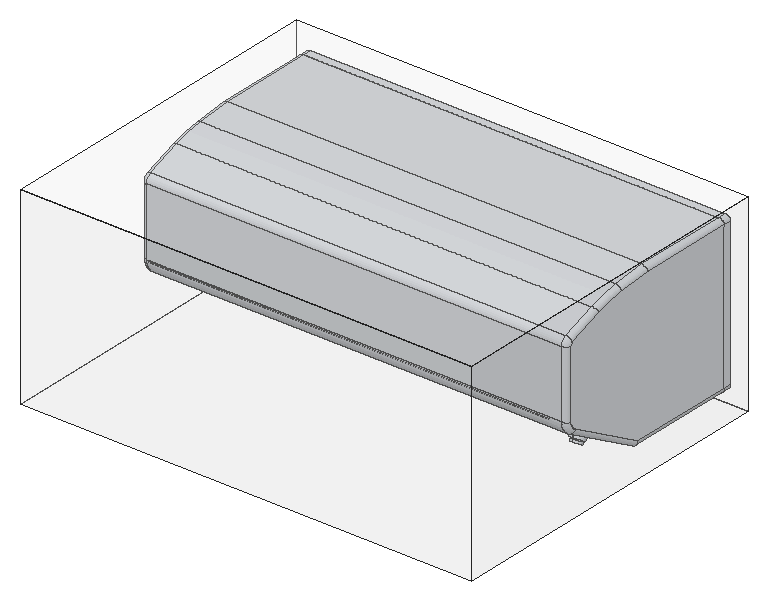
Revit family "msz-hxv25_8023sin_60Hz", category 機械設備, Revit 2019
Family settings
  丸型コネクタ寸法 = 直径を使用
  種別 = なし
  パーツ タイプ = 標準
  OmniClass 番号 = 23.75.10.24.21.27.27
  OmniClass タイトル = Split System Air Conditioning Units
  作業面ベース = いいえ
  常に垂直 = はい
  ロード時にボイドで切り取り = いいえ
  共有 = いいえ
  部屋計算ポイント = はい
Parameters (values of type "MSZ-HXV2523-W-IN")
  運転音(静冷房)  db = 34
  運転音(静暖房)  db = 39
  運転音(強暖房)  db = 62
  運転音(強冷房)  db = 61
  運転音(弱暖房)  db = 45
  運転音(弱冷房)  db = 46
  運転音(中暖房)  db = 50
  運転音(中冷房)  db = 51
  風量 = MAX風量  # 780.0 m³/h
  音響パワーレベル(dB) = 61
  音響パワーレベル (弱) (dB) = 34
  電源種別 = ""
  電圧_電気ヒーター = 0 V
  電圧 = 100 V
  電動機出力_送風機 = 28 W
  運転質量 = 0.00 kg
  運転方法 = "冷暖切替"
  連動 = ""
  質量 = if(製品質量 > 運転質量, 製品質量, 運転質量) * 1.2  # 20.40 kg
  負荷分類 = 1_熱源類
  設計暖房能力 [instance] = 0 kW
  設計冷房能力_顕熱 [instance] = 0 kW
  設計冷房能力 [instance] = 0 kW
  設置方法 = "壁掛形"
  記号 [instance] = ""
  製造元 = "三菱電機株式会社"
  製品質量 = 17.00 kg
  製品出荷対象 = "国内"
  製品リリース年月 = ""
  製品グループ = ""
  系統 [instance] = ""
  符号 = "PAC"
  積算_科目 = "1 空気調和設備"
  積算_拾い区分 [instance] = ""
  相_電気ヒーター = 1
  相 = 1
  盤記号 [instance] = ""
  発停方法 = "付属スイッチ"
  特殊仕様 [instance] = ""
  火災停止 = ""
  消費電力_電気ヒーター = 0 W
  消費電力_暖房 = 590 W
  消費電力_冷房 = 500 W
  消費電力 = if(消費電力_冷房 > 消費電力_暖房, 消費電力_冷房, 消費電力_暖房)  # 590 W
  法定耐用年数 = "6"
  極数 = 1
  材質 [instance] = ""
  本体マテリアル = none
  有効加湿量 = 0
  最大電流値 = 0 A
  暖房能力 = 3.2 kW
  暖房 風量 = 780.0 m³/h
  推奨ブレーカー容量 = 0 A
  形式_加湿器 = ""
  形式 = "壁掛 (露出)形"
  幹線記号 = ""
  室内機 = 室内機 : MSZ-HXV2522-W-IN
  始動方式 = "直入"
  呼称 = "パッケージ形空気調和機_室内機"
  周波数 = 60 Hz
  台数_手元リモコン = ""
  台数_冷媒分岐ユニット [instance] = ""
  参照している仕様書等のバージョン = "公共建築工事標準仕様書（機械設備工事編）平成31年度版"
  加湿給水管径 = 0 mm
  分類コード = "50053003123070"
  分類グループ = ""
  冷房能力 = 2.5 kW
  冷房 風量 = 665.0 m³/h
  冷媒高低圧ガス管径 = 0 mm
  冷媒管長 [instance] = 0 mm
  冷媒管径符号 = "Ab"
  冷媒管径 = 100 mm
  冷媒液管径 = 6.35 mm
  冷媒ガス管径 = 9.52 mm
  価格 = 0
  企業コード = "108420"
  付属品 [instance] = ""
  仕様書バージョン = "Version1.0"
  モデル = "MSZ-HXV25**-*-IN"
  ドレン管径 = 16 mm
  サービススペース = yes
  コメント [instance] = ""
  Width = 799 mm
  Version = ""
  Uniclass2015Version = "Systems v1.9"
  Uniclass2015Title = "Split coil remote air cooled condensing units"
  Uniclass2015Code = "Pr_70_65_03_84"
  URL = "https://www.mitsubishielectric.co.jp/ldg/wink/"
  S寸法 = 0 mm
  SpecificationReference = ""
  SpecificationDescription = ""
  Revision = ""
  ProductInformation = ""
  OmniClassCode = "23-33 17 13 11"
  MAX風量 = if(冷房 風量 > 暖房 風量, 冷房 風量, 暖房 風量)  # 780.0 m³/h
  IfcTypeProduct = ""
  IfcProduct = ""
  IfcExportType = "AIRCONDITIONINGUNIT"
  IfcExportAs = "IfcUnitaryEquipmentType"
  Height = 295 mm
  Depth = 385 mm
  Clearance Top = 39 mm
  Clearance Right = 30 mm
  Clearance Left = 20 mm
  Clearance Front = 260 mm
  Clearance Bottom = 28 mm
  Clearance Back = 0 mm
  COP = 0
  Author = "三菱電機株式会社"
  APF = 0
Types (7, lengths in mm): name | 運転音(静冷房)  db | 運転音(静暖房)  db | 運転音(強暖房)  db | 運転音(強冷房)  db | 運転音(弱暖房)  db | 運転音(弱冷房)  db | 運転音(中暖房)  db | 運転音(中冷房)  db | 風量 | 音響パワーレベル(dB) | 音響パワーレベル (弱) (dB) | 電圧 | 電動機出力_送風機 | 質量 | 製品質量 | 発停方法 | 消費電力_暖房 | 消費電力_冷房 | 消費電力 | 暖房能力 | 暖房 風量 | 室内機 | 分類コード | 冷房能力 | 冷房 風量 | 冷媒管径符号 | 冷媒ガス管径 | モデル | MAX風量
  MSZ-HXV2523-W-IN | 34 | 39 | 62 | 61 | 45 | 46 | 50 | 51 | 780.0 m³/h | 61 | 34 | 100 V | 28 W | 20.40 kg | 17.00 kg | "付属スイッチ" | 590 W | 500 W | 590 W | 3.2 kW | 780.0 m³/h | 室内機 : MSZ-HXV2522-W-IN | "50053003123070" | 2.5 kW | 665.0 m³/h | "Ab" | 9.52 | "MSZ-HXV25**-*-IN" | 780.0 m³/h
  MSZ-HXV2823S-W-IN | 34 | 39 | 66 | 63 | 46 | 48 | 52 | 53 | 810.0 m³/h | 63 | 34 | 200 V | 40 W | 20.40 kg | 17.00 kg | "付属スイッチ" | 770 W | 580 W | 770 W | 4 kW | 810.0 m³/h | 室内機 : MSZ-HXV2822S-W-IN | "50053003123070" | 2.8 kW | 665.0 m³/h | "Ab" | 9.52 | "MSZ-HXV28**S-*-IN" | 810.0 m³/h
  MSZ-HXV4023S-W-IN | 40 | 44 | 69 | 67 | 50 | 50 | 55 | 55 | 930.0 m³/h | 67 | 40 | 200 V | 40 W | 22.80 kg | 19.00 kg | "付属スイッチ" | 1430 W | 960 W | 1430 W | 6 kW | 930.0 m³/h | 室内機 : MSZ-HXV4022S-W-IN | "50053003123070" | 4 kW | 730.0 m³/h | "Ab" | 9.52 | "MSZ-HXV40**S-*-IN" | 930.0 m³/h
  MSZ-HXV5623S-W-IN | 44 | 46 | 71 | 68 | 51 | 51 | 56 | 56 | 940.0 m³/h | 68 | 44 | 200 V | 40 W | 22.80 kg | 19.00 kg | "付属スイッチ" | 1700 W | 1720 W | 1720 W | 6.7 kW | 940.0 m³/h | 室内機 : MSZ-HXV5622S-W-IN | "50053003123070" | 5.6 kW | 805.0 m³/h | "Ab" | 9.52 | "MSZ-HXV56**S-*-IN" | 940.0 m³/h
  MSZ-HXV6323S-W-IN | 44 | 47 | 71 | 69 | 52 | 52 | 57 | 57 | 960.0 m³/h | 69 | 44 | 200 V | 40 W | 22.80 kg | 19.00 kg | "付属スイッチ" | 1900 W | 2200 W | 2200 W | 7.1 kW | 960.0 m³/h | 室内機 : MSZ-HXV6322S-W-IN | "50053003123070" | 6.3 kW | 860.0 m³/h | "Ac" | 12.7 | "MSZ-HXV63**S-*-IN" | 960.0 m³/h
  MSZ-HXV7123S-W-IN | 44 | 47 | 72 | 70 | 52 | 52 | 57 | 57 | 1045.0 m³/h | 70 | 44 | 200 V | 40 W | 22.80 kg | 19.00 kg | "付属スイッチ\r\n付属スイッチ" | 2350 W | 2500 W | 2500 W | 8.5 kW | 1045.0 m³/h | 室内機 : MSZ-HXV7122S-W-IN | "50053003123070 \r\n50053003123070 \r\n50053003123070 \r\n50053003123070" | 7.1 kW | 960.0 m³/h | "Ac" | 12.7 | "MSZ-HXV71**S-*-IN" | 1045.0 m³/h
  MSZ-HXV8023S-W-IN | 44 | 47 | 72 | 72 | 52 | 52 | 57 | 57 | 1045.0 m³/h | 72 | 44 | 200 V | 46 W | 22.80 kg | 19.00 kg | "付属スイッチ" | 2680 W | 2920 W | 2920 W | 9.5 kW | 1045.0 m³/h | 室内機 : MSZ-HXV8022S-W-IN | "50053003123070" | 8 kW | 960.0 m³/h | "Ac" | 12.7 | "MSZ-HXV80**S-*-IN" | 1045.0 m³/h
Reference planes
  plane 1 "中心(正面/背面)": y = 0
  plane 2: z = 0
  plane 3 "中心(左/右)": x = 0
  plane 4: y = -650
  plane 5: x = -399.5
  plane 6: x = 399.5
  plane 7: x = 429.5
  plane 8: z = -0.01
  plane 9: z = 38.99
  plane 10: x = -419.5
  plane 11: y = 0
  plane 12: z = -253.01
  plane 13: x = -352.5
  plane 14: z = -323.01
  plane 15: y = -195
  plane 16: y = -390
  plane 17: z = -254.01
  plane 18: x = 352.5
  plane 19: z = -295.01
  plane 20: z = -284.01
  plane 21: z = -273.01
  plane 22: y = -5
  plane 23: z = -285
Forms (mm)
  Extrusion 1, solid, detail levels fine
    sketch origin (-705, 0, 0) x (1, 0, 0) y (0, 0, 1)
      loop
        circle (352.5, -253.01) r 10
    from 5 to 10
  Extrusion 2, solid, detail levels fine
    sketch origin (-705, 0, -30) x (1, 0, 0) y (0, 0, 1)
      loop
        circle (352.5, -243.01) r 5
    from 5 to 10
Lines and regions (mm)
  Masking region 1, detail levels coarse+medium
    outline origin (0, 0, 0) x (1, 0, 0) y (0, 1, 0)
      loop
        line (-399.5, 0) -> (-399.5, -390) -> (399.5, -390) -> (399.5, 0) -> (-399.5, 0)
Dimensions and locks
  equal spacing: plane 5, plane 3 "中心(左/右)", plane 6
  "Clearance Right": plane 6 to plane 7
  "Clearance Front": plane 4 to plane 16
  "Clearance Top": plane 9 to plane 8
  "Width": plane 5 to plane 6
  "Clearance Left": plane 10 to plane 5
  locked: plane 5 to plane 13 at 47
  equal spacing: plane 16, plane 15, plane 1 "中心(正面/背面)"
  "Depth": plane 16 to plane 22
  "Clearance Back": plane 11 to plane 1 "中心(正面/背面)"
  locked: plane 18 to plane 6 at 47
  "Clearance Bottom": plane 19 to plane 14
  "Height": plane 8 to plane 19
  locked: plane 19 to plane 17 at 41
  locked: plane 19 to plane 12 at 42
  plane 5 to plane 10 = 20 mm
  plane 7 to plane 6 = 30 mm
  locked: plane 20 to plane 17 at 30
  locked: plane 21 to plane 12 at 20
  plane 8 to plane 19 = 295 mm
  plane 22 to plane 11 = 5 mm
  plane 4 to plane 16 = 260 mm
  plane 11 to plane 4 = 650 mm
  aligned and locked: level to plane 2
  aligned and locked: level to plane 8
  aligned and locked: plane 10 to nested 1
  aligned and locked: plane 4 to nested 1
  aligned and locked: plane 9 to nested 1
  aligned and locked: plane 14 to nested 1
  aligned and locked: plane 7 to nested 1
  aligned and locked: nested 1 to plane 11
  aligned and locked: plane 5 to Masking region 1 sketch curve
  aligned and locked: Masking region 1 sketch curve to plane 11
  aligned and locked: Masking region 1 sketch curve to plane 6
  aligned and locked: Masking region 1 sketch curve to plane 16
Automatic sketch dimensions
  plane 13 to Extrusion 2 sketch curve = 0 mm
  Extrusion 2 sketch curve to plane 21 = 0 mm
  Extrusion 1 sketch curve to plane 12 = 0 mm
  plane 13 to Extrusion 1 sketch curve = 0 mm
  radius of Extrusion 2 sketch curve = 5 mm
  radius of Extrusion 1 sketch curve = 10 mm
Nested families
  nested 1: "サービススペース" at (5, -325, -142.01), visible <- "サービススペース", type "サービススペース"
    with Width 849 mm, Height 362 mm, Depth 650 mm
  nested 2: "室内機" at (0, 0, -295.023), type <- "室内機", type "MSZ-HXV2522-W-IN", detail levels fine
Connectors
  piping at (-352.5, -5, -253.01), diameter 100, driven by "冷媒管径", driven by "冷媒管径符号"
    settings: on Extrusion 1, index 10, connector inside diameter 609.6 mm, connector length 0 mm, flow factor 0, pipe flow 0.0 L/s, pressure drop 0.0 Pa, fitting loss kfactor 0, connector angle 0.00°, fixture units 0, engagement length 0 mm, angle of deflection 0.00°, flow configuration 1, flow direction 1, fitting loss method 4, system type 7, joint type 0, gender type 0, connector reference index -1, connector utility 0, adjustable connector no, is connector primary yes, connector description "Ab"
  piping at (-352.5, -5, -273.01), diameter 16, driven by "ドレン管径"
    settings: on Extrusion 2, index 11, connector inside diameter 609.6 mm, connector length 0 mm, flow factor 0, pipe flow 0.0 L/s, pressure drop 0.0 Pa, fitting loss kfactor 0, connector angle 0.00°, fixture units 0, engagement length 0 mm, angle of deflection 0.00°, flow configuration 1, flow direction 2, fitting loss method 4, system type 16, joint type 0, gender type 0, connector reference index -1, connector utility 0, adjustable connector no, is connector primary no, connector description ""
  electrical at (0, -5, -147.523), driven by "負荷分類", driven by "電圧", driven by "消費電力"
    settings: on nested 2, index 13, voltage 100 V, apparent load 590 VA, apparent load phase1 0 VA, apparent load phase2 0 VA, apparent load phase3 0 VA, power factor 1, load classification "1_熱源類", number of poles 1, system type 30, power factor state 1, is connector primary yes, connector utility no, sub classification motor no, connector description ""
Definition of nested family "サービススペース"
  Parameters (values of type "サービススペース")
    Width [instance] = 500 mm
    Height [instance] = 500 mm
    Depth [instance] = 500 mm
  Reference planes
    plane 1 "中心(正面/背面)": y = 0
    plane 2: z = 0
    plane 3 "中心(左/右)": x = 0
    plane 4: y = -250
    plane 5: x = 250
    plane 6: y = 250
    plane 7: x = -250
    plane 8: z = 250
    plane 9: z = -250
  Forms (mm)
    Extrusion 1, solid
      sketch origin (-638.939, 0, 72.39) x (1, 0, 0) y (0, 1, 0)
        loop
          line (388.939, 250) -> (388.939, -250) -> (888.939, -250) -> (888.939, 250) -> (388.939, 250)
      from -322.39 to 177.61
  Lines and regions (mm)
    symbolic lines
      curve 1: line (-250, 0, 250) -> (250, 0, 250)
      curve 2: line (-250, 0, -250) -> (-250, 0, 250)
      curve 3: line (250, 0, -250) -> (-250, 0, -250)
      curve 4: line (250, 0, 250) -> (250, 0, -250)
      curve 5: line (0, -250, 250) -> (0, 250, 250)
      curve 6: line (0, -250, -250) -> (0, -250, 250)
      curve 7: line (0, 250, -250) -> (0, -250, -250)
      curve 8: line (0, 250, 250) -> (0, 250, -250)
      curve 9: line (-250, 250, 0) -> (250, 250, 0)
      curve 10: line (-250, -250, 0) -> (-250, 250, 0)
      curve 11: line (250, -250, 0) -> (-250, -250, 0)
      curve 12: line (250, 250, 0) -> (250, -250, 0)
  Dimensions and locks
    equal spacing: plane 7, plane 3 "中心(左/右)", plane 5
    equal spacing: plane 4, plane 1 "中心(正面/背面)", plane 6
    "Depth": plane 4 to plane 6
    "Width": plane 7 to plane 5
    equal spacing: plane 8, plane 2, plane 9
    "Height": plane 8 to plane 9
    aligned and locked: plane 9 to curve 3
    aligned and locked: plane 7 to curve 2
    aligned and locked: curve 4 to plane 5
    aligned and locked: plane 5 to Extrusion 1
    aligned and locked: Extrusion 1 to plane 7
    aligned and locked: Extrusion 1 to plane 9
    aligned and locked: plane 8 to Extrusion 1
    aligned and locked: plane 9 to curve 7
  Automatic sketch dimensions
    plane 4 to Extrusion 1 sketch curve = 0 mm
    Extrusion 1 sketch curve to plane 7 = 0 mm
    Extrusion 1 sketch curve to plane 5 = 0 mm
    plane 6 to Extrusion 1 sketch curve = 0 mm
    curve 2 to plane 8 = 0 mm
    plane 4 to curve 11 = 0 mm
    curve 11 to plane 7 = 0 mm
    curve 11 to plane 5 = 0 mm
    plane 6 to curve 10 = 0 mm
    curve 7 to plane 4 = 0 mm
    curve 7 to plane 6 = 0 mm
    curve 6 to plane 8 = 0 mm
Definition of nested family "室内機"
  Parameters (values of type "MSZ-HXV7122S-T-IN")
    Width = 799 mm
    Height = 295 mm
    Depth = 390 mm
  Types (13): name
    MSZ-HXV2522-W-IN
    MSZ-HXV2822S-W-IN
    MSZ-HXV2822S-T-IN
    MSZ-HXV4022S-W-IN
    MSZ-HXV4022S-T-IN
    MSZ-HXV5622S-W-IN
    MSZ-HXV5622S-T-IN
    MSZ-HXV6322S-W-IN
    MSZ-HXV6322S-T-IN
    MSZ-HXV7122S-W-IN
    MSZ-HXV7122S-T-IN
    MSZ-HXV8022S-T-IN
    MSZ-HXV8022S-W-IN
  Reference planes
    plane 1 "中心(正面/背面)": y = 0
    plane 2: z = 0
    plane 3 "中心(左/右)": x = 0
    plane 4: y = -5
    plane 5: x = 399.5
    plane 6: x = -399.5
    plane 7: y = -390
    plane 8: z = 295
    plane 9: x = 379.5
    plane 10: z = 42
    plane 11: z = 295
    plane 12: z = 273
    plane 13: x = 352
    plane 14: x = -352
    plane 15: x = 399
    plane 16: x = 335
    plane 17: z = 253
    plane 18: x = 225
    plane 19: x = -225
    plane 20: x = 280
    plane 21: x = 155
    plane 22: z = 263
    plane 23: z = 243
  Forms (mm)
    Extrusion 1, solid
      sketch origin (0, 0, 0) x (0, 1, 0) y (0, 0, 1)
        loop
          line (-20, 284.987) -> (-199.503, 284.987) -> (-261.595, 278.809)
          arc (-261.595, 278.809) -> (-288.705, 274.388) -> (-315.053, 266.623) r 219.987
          line (-315.053, 266.623) -> (-376.706, 244.184)
          arc (-376.706, 244.184) -> (-379.086, 242.358) -> (-379.987, 239.497) r 4.987
          line (-379.987, 239.497) -> (-379.987, 112.321)
          arc (-379.987, 112.321) -> (-377.31, 102.327) -> (-369.994, 95.011) r 19.987
          line (-369.994, 95.011) -> (-222.772, 10.013) -> (-20, 10.013) -> (-20, 284.987)
      from -399.5 to 399.5
    Sweep 2, solid
      path origin (390, 0, 0) x (0, 1, 0) y (0, 0, 1)
        loop
          line (-20, 295) -> (-200, 295) -> (-262.587, 288.772)
          arc (-262.587, 288.772) -> (-290.931, 284.15) -> (-318.478, 276.032) r 230
          line (-318.478, 276.032) -> (-380.13, 253.592)
          arc (-380.13, 253.592) -> (-387.287, 248.101) -> (-390, 239.497) r 15
          line (-390, 239.497) -> (-390, 112.321)
          arc (-390, 112.321) -> (-385.981, 97.321) -> (-375, 86.34) r 30
          line (-375, 86.34) -> (-225.455, 0) -> (-20, 0)
      profile origin (390, -110, 295) x (0, 0, -1) y (1, 0, 0)
        loop
          arc (10.013, 9.5) -> (3.113, 6.75) -> (0.013, 0) r 10
          line (0.013, 0) -> (0.013, -780)
          arc (0.013, -780) -> (3.113, -786.75) -> (10.013, -789.5) r 10
          line (10.013, -789.5) -> (10.013, 9.5)
    Extrusion 3, solid
      sketch origin (0, 0, 0) x (1, 0, 0) y (0, 0, 1)
        loop
          line (-399.5, 285) -> (-399.5, 10)
          arc (-399.5, 10) -> (-396.746, 3.108) -> (-390, 0.013) r 10
          line (-390, 0.013) -> (390, 0.013)
          arc (390, 0.013) -> (396.746, 3.108) -> (399.5, 10) r 10
          line (399.5, 10) -> (399.5, 285)
          arc (399.5, 285) -> (396.746, 291.892) -> (390, 294.987) r 10
          line (390, 294.987) -> (-390, 294.987)
          arc (-390, 294.987) -> (-396.746, 291.892) -> (-399.5, 285) r 10
      from 20 to 5
    Revolve 4, solid
      sketch origin (367, -62.632, -153.367) x (0, 0.866025, -0.5) y (0, 0.5, 0.866025)
        loop
          line (-327.015, 58.396) -> (-327.015, 44.304) -> (-320.129, 44.304) -> (-320.129, 37.722) -> (-317.129, 37.722) -> (-317.129, 42.304)
          arc (-317.129, 42.304) -> (-316.543, 43.718) -> (-315.129, 44.304) r 2
          line (-315.129, 44.304) -> (-314.129, 44.304) -> (-314.129, 58.396) -> (-327.015, 58.396)
        axis (-327.015, 37.722) -> (-327.015, 58.396)
      angle from 0 to 360
    Extrusion 5, void
      sketch origin (0, -125, 230.692) x (1, 0, 0) y (0, -0.866025, 0.5)
        loop
          line (-383, 2) -> (-8.5, 2) -> (-8.5, 52) -> (-383, 52) -> (-383, 2)
        loop
          line (-385, 54) -> (-385, 0) -> (385, 0) -> (385, 54) -> (-385, 54)
        loop
          line (383, 2) -> (383, 52) -> (-6.5, 52) -> (-6.5, 2) -> (383, 2)
      from 250 to 244.836
    Extrusion 6, solid
      sketch origin (0, 0, 0) x (1, 0, 0) y (0, 0, 1)
        loop
          line (-285, 0) -> (285, 0) -> (285, 70)
          arc (285, 70) -> (292.322, 87.678) -> (310, 95) r 25
          arc (310, 95) -> (327.678, 102.322) -> (335, 120) r 25
          line (335, 120) -> (335, 273) -> (295, 273) -> (295, 278)
          arc (295, 278) -> (293.536, 281.536) -> (290, 283) r 5
          line (290, 283) -> (270, 283)
          arc (270, 283) -> (266.464, 281.536) -> (265, 278) r 5
          line (265, 278) -> (265, 273) -> (119.535, 273) -> (70.033, 253) -> (24.949, 253) -> (10, 290) -> (0, 290) -> (-10, 290) -> (-24.949, 253) -> (-105.033, 253) -> (-154.535, 273) -> (-265, 273) -> (-265, 278)
          arc (-265, 278) -> (-266.464, 281.536) -> (-270, 283) r 5
          line (-270, 283) -> (-290, 283)
          arc (-290, 283) -> (-293.536, 281.536) -> (-295, 278) r 5
          line (-295, 278) -> (-295, 273) -> (-335, 273) -> (-335, 120)
          arc (-335, 120) -> (-327.678, 102.322) -> (-310, 95) r 25
          arc (-310, 95) -> (-292.322, 87.678) -> (-285, 70) r 25
          line (-285, 70) -> (-285, 0)
        loop
          line (230.5, 248.5) -> (230.5, 257.5)
          arc (230.5, 257.5) -> (225, 263) -> (219.5, 257.5) r 5.5
          line (219.5, 257.5) -> (219.5, 248.5)
          arc (219.5, 248.5) -> (225, 243) -> (230.5, 248.5) r 5.5
        loop
          arc (-220.5, 247.5) -> (-215, 253) -> (-220.5, 258.5) r 5.5
          line (-220.5, 258.5) -> (-229.5, 258.5)
          arc (-229.5, 258.5) -> (-235, 253) -> (-229.5, 247.5) r 5.5
          line (-229.5, 247.5) -> (-220.5, 247.5)
        loop
          line (-105, 10) -> (105, 10)
          arc (105, 10) -> (155, 60) -> (105, 110) r 50
          line (105, 110) -> (-105, 110)
          arc (-105, 110) -> (-155, 60) -> (-105, 10) r 50
        loop
          line (305, 243) -> (255, 243) -> (255, 188) -> (261.875, 188)
          arc (261.875, 188) -> (265.887, 200.215) -> (267.245, 213) r 60.879
          line (267.245, 213) -> (292.755, 213)
          arc (292.755, 213) -> (294.113, 200.215) -> (298.125, 188) r 60.879
          line (298.125, 188) -> (305, 188) -> (305, 243)
        loop
          line (-305, 243) -> (-305, 188) -> (-298.125, 188)
          arc (-298.125, 188) -> (-294.113, 200.215) -> (-292.755, 213) r 60.879
          line (-292.755, 213) -> (-267.245, 213)
          arc (-267.245, 213) -> (-265.887, 200.215) -> (-261.875, 188) r 60.879
          line (-261.875, 188) -> (-255, 188) -> (-255, 243) -> (-305, 243)
      from 0 to 5
  Cuts and joins
    Extrusion 5 cuts Extrusion 1
    Extrusion 5 cuts Sweep 2
    Extrusion 5 cuts Extrusion 3
  Lines and regions (mm)
    model lines
      curve 1: line (-349.5, -125, 294.987) -> (-349.5, -185, 294.987)
      curve 2: line (-349.5, -185, 294.987) -> (349.5, -185, 294.987)
      curve 3: line (-349.5, -135, 294.987) -> (349.5, -135, 294.987)
      curve 4: line (349.5, -125, 294.987) -> (349.5, -185, 294.987)
      curve 5: line (-249.643, -125, 294.987) -> (-249.643, -185, 294.987)
      curve 6: line (-149.786, -125, 294.987) -> (-149.786, -185, 294.987)
      curve 7: line (-49.929, -125, 294.987) -> (-49.929, -185, 294.987)
      curve 8: line (49.929, -125, 294.987) -> (49.929, -185, 294.987)
      curve 9: line (149.786, -125, 294.987) -> (149.786, -185, 294.987)
      curve 10: line (249.643, -125, 294.987) -> (249.643, -185, 294.987)
      curve 11: line (-349.5, -155, 294.987) -> (349.5, -155, 294.987)
      curve 12: line (-349.5, -175, 294.987) -> (349.5, -175, 294.987)
      curve 13: line (-349.5, -165, 294.987) -> (349.5, -165, 294.987)
      curve 14: line (-349.5, -145, 294.987) -> (349.5, -145, 294.987)
      curve 15: line (-349.5, -125, 294.987) -> (349.5, -125, 294.987)
      curve 16: line (-349.5, -50, 294.987) -> (-349.5, -110, 294.987)
      curve 17: line (-349.5, -110, 294.987) -> (349.5, -110, 294.987)
      curve 18: line (-349.5, -60, 294.987) -> (349.5, -60, 294.987)
      curve 19: line (349.5, -50, 294.987) -> (349.5, -110, 294.987)
      curve 20: line (-249.643, -50, 294.987) -> (-249.643, -110, 294.987)
      curve 21: line (-149.786, -50, 294.987) -> (-149.786, -110, 294.987)
      curve 22: line (-49.929, -50, 294.987) -> (-49.929, -110, 294.987)
      curve 23: line (49.929, -50, 294.987) -> (49.929, -110, 294.987)
      curve 24: line (149.786, -50, 294.987) -> (149.786, -110, 294.987)
      curve 25: line (249.643, -50, 294.987) -> (249.643, -110, 294.987)
      curve 26: line (-349.5, -80, 294.987) -> (349.5, -80, 294.987)
      curve 27: line (-349.5, -100, 294.987) -> (349.5, -100, 294.987)
      curve 28: line (-349.5, -90, 294.987) -> (349.5, -90, 294.987)
      curve 29: line (-349.5, -70, 294.987) -> (349.5, -70, 294.987)
      curve 30: line (-349.5, -50, 294.987) -> (349.5, -50, 294.987)
  Dimensions and locks
    equal spacing: plane 6, plane 3 "中心(左/右)", plane 5
    "Width": plane 6 to plane 5
    plane 7 to plane 4 to plane 1 "中心(正面/背面)" = 385 mm, 5 mm
    "Depth": plane 7 to plane 1 "中心(正面/背面)"
    "Height": plane 8 to level
    plane 6 to curve 1 = 50 mm
    plane 11 to plane 10 = 253 mm
    plane 11 to plane 12 = 22 mm
    plane 16 to plane 15 = 64 mm
    plane 15 to plane 13 = 47 mm
    plane 17 to plane 10 = 211 mm
    plane 12 to plane 10 = 231 mm
    plane 17 to Extrusion 6 sketch curve = 65 mm
    plane 22 to plane 23 = 20 mm
    aligned and locked: level to plane 2
    aligned and locked: Extrusion 3 to Extrusion 1
    aligned and locked: Extrusion 6 to plane 1 "中心(正面/背面)"
    aligned and locked: plane 4 to Extrusion 6
  Automatic sketch dimensions
    Extrusion 3 sketch curve to plane 6 = 0 mm
    Extrusion 3 sketch curve to plane 5 = 0 mm
    Extrusion 3 sketch curve to plane 8 = 0.013 mm
    plane 6 to Extrusion 3 sketch curve = 9.5 mm  (x2)
    level to Extrusion 3 sketch curve = 0.013 mm
    level to Extrusion 3 sketch curve = 10 mm
    Extrusion 3 sketch curve to Extrusion 3 sketch curve = 0.5 mm
    Extrusion 3 sketch curve to plane 5 = 10 mm  (x2)
    Extrusion 3 sketch curve to plane 5 = 9.5 mm  (x2)
    level to Revolve 4 sketch curve = 60.713 mm
    Revolve 4 sketch curve to plane 7 = 73.363 mm
    Revolve 4 sketch curve to Revolve 4 sketch curve = 6.886 mm
    Revolve 4 sketch curve to Revolve 4 sketch curve = 3 mm
    Revolve 4 sketch curve to Revolve 4 sketch curve = 2 mm
    Revolve 4 sketch curve to Revolve 4 sketch curve = 12.886 mm
    Revolve 4 sketch curve to Revolve 4 sketch curve = 14.091 mm
    Revolve 4 sketch curve to Revolve 4 sketch curve = 0 mm  (x2)
    Revolve 4 sketch curve to Revolve 4 sketch curve = 4.583 mm
    Revolve 4 sketch curve to Revolve 4 sketch curve = 6.134 mm
    Revolve 4 sketch curve to Revolve 4 sketch curve = 3.815 mm
    plane 6 to Extrusion 5 sketch curve = 14.5 mm
    Extrusion 5 sketch curve to Extrusion 5 sketch curve = 2 mm  (x5)
    Extrusion 5 sketch curve to plane 3 "中心(左/右)" = 8.5 mm
    plane 9 to Extrusion 5 sketch curve = 3.5 mm
    Extrusion 5 sketch curve to Extrusion 5 sketch curve = 0 mm
    Extrusion 5 sketch curve to Extrusion 5 sketch curve = 50 mm  (x2)
    curve 1 to curve 1 = 60 mm  (x2)
    Extrusion 1 sketch curve to plane 7 = 10.013 mm
    Extrusion 1 sketch curve to Extrusion 1 sketch curve = 3.282 mm
    Extrusion 1 sketch curve to Extrusion 1 sketch curve = 1.706 mm
    Extrusion 1 sketch curve to Extrusion 1 sketch curve = 9.994 mm  (x2)
    Extrusion 1 sketch curve to plane 8 = 28.377 mm
    Extrusion 1 sketch curve to Extrusion 1 sketch curve = 61.652 mm
    Extrusion 1 sketch curve to plane 8 = 16.191 mm
    Extrusion 1 sketch curve to Extrusion 1 sketch curve = 53.458 mm
    level to Extrusion 1 sketch curve = 59.903 mm
    level to Extrusion 1 sketch curve = 10.013 mm
    Extrusion 1 sketch curve to Extrusion 1 sketch curve = 17.041 mm
    Extrusion 1 sketch curve to plane 8 = 10.013 mm
    Extrusion 1 sketch curve to Extrusion 1 sketch curve = 62.092 mm
    plane 4 to Extrusion 1 sketch curve = 15 mm
    level to Extrusion 1 sketch curve = 95.011 mm
    Extrusion 1 sketch curve to plane 8 = 55.503 mm
    Sweep 2 sketch curve to plane 7 = 0 mm
    Sweep 2 sketch curve to level = 0 mm
    Sweep 2 sketch curve to plane 8 = 0 mm
    Sweep 2 sketch curve to plane 7 = 9.87 mm
    Sweep 2 sketch curve to plane 7 = 15 mm  (x2)
    Sweep 2 sketch curve to plane 7 = 30 mm
    Sweep 2 sketch curve to plane 8 = 18.968 mm
    Sweep 2 sketch curve to Sweep 2 sketch curve = 61.652 mm
    Sweep 2 sketch curve to plane 8 = 6.228 mm
    Sweep 2 sketch curve to Sweep 2 sketch curve = 55.891 mm
    level to Sweep 2 sketch curve = 59.903 mm
    Sweep 2 sketch curve to Sweep 2 sketch curve = 14.358 mm
    Sweep 2 sketch curve to Sweep 2 sketch curve = 62.587 mm
    level to Sweep 2 sketch curve = 86.34 mm
    Sweep 2 sketch curve to plane 8 = 55.503 mm
    plane 4 to Sweep 2 sketch curve = 15 mm  (x2)
    Sweep 2 sketch curve to profile plane = 0 mm
    Sweep 2 sketch curve to profile plane = 0.013 mm
    Sweep 2 sketch curve to profile plane = 10 mm  (x2)
    Sweep 2 sketch curve to profile plane = 0.5 mm
    profile plane to Sweep 2 sketch curve = 9.5 mm
    Sweep 2 sketch curve to Sweep 2 sketch curve = 779 mm
    Sweep 2 sketch curve to Sweep 2 sketch curve = 0.5 mm
    Sweep 2 to curve 30 = 30 mm
    curve 2 to Sweep 2 = 14.999 mm
    Sweep 2 to curve 2 = 40.5 mm
    curve 30 to curve 18 = 10 mm
    curve 18 to curve 29 = 10 mm
    curve 29 to curve 26 = 10 mm
    curve 26 to curve 28 = 10 mm
    curve 28 to curve 27 = 10 mm
    curve 27 to curve 15 = 25 mm
    curve 17 to curve 15 = 15 mm
    curve 17 to curve 3 = 25 mm
    curve 3 to curve 14 = 10 mm
    curve 14 to curve 11 = 10 mm
    curve 11 to curve 13 = 10 mm
    curve 12 to curve 2 = 10 mm
    Sweep 2 to curve 30 = 40.5 mm
    Sweep 2 to curve 3 = 40.5 mm
    curve 29 to curve 30 = 0 mm
    curve 11 to curve 3 = 0 mm
    curve 28 to curve 29 = 0 mm
    curve 12 to curve 2 = 0 mm
    curve 27 to curve 28 = 0 mm
    curve 13 to curve 11 = 0 mm
    curve 26 to curve 28 = 0 mm
    curve 14 to curve 3 = 0 mm
    curve 18 to curve 29 = 0 mm
    curve 15 to curve 27 = 0 mm
    curve 17 to curve 15 = 0 mm  (x2)
    Sweep 2 to curve 15 = 40.5 mm
    curve 14 to curve 17 = 0 mm
    Sweep 2 to curve 18 = 40.5 mm
    curve 13 to curve 14 = 0 mm
    curve 26 to curve 18 = 0 mm
    curve 12 to curve 13 = 0 mm
    curve 27 to curve 15 = 0 mm
    curve 11 to curve 13 = 0 mm
    curve 28 to curve 26 = 0 mm
    curve 3 to curve 17 = 0 mm
    curve 29 to curve 18 = 0 mm
    curve 2 to curve 12 = 0 mm
    curve 30 to curve 18 = 0 mm
    curve 19 to plane 9 = 30 mm
    plane 4 to curve 16 = 45 mm
    curve 4 to curve 19 = 0 mm
    curve 19 to curve 25 = 99.857 mm
    curve 10 to curve 25 = 0 mm
    plane 4 to curve 24 = 45 mm
    curve 25 to curve 24 = 99.857 mm
    curve 9 to curve 24 = 0 mm
    plane 3 "中心(左/右)" to curve 8 = 49.929 mm
    plane 3 "中心(左/右)" to curve 23 = 49.929 mm
    curve 7 to plane 3 "中心(左/右)" = 49.929 mm
    curve 22 to plane 3 "中心(左/右)" = 49.929 mm
    curve 7 to curve 6 = 99.857 mm
    curve 21 to curve 6 = 0 mm
    plane 4 to curve 20 = 45 mm
    curve 21 to curve 20 = 99.857 mm
    curve 5 to curve 20 = 0 mm
    plane 6 to curve 16 = 50 mm
    plane 6 to curve 1 = 50 mm
    plane 4 to curve 25 = 45 mm
    plane 4 to curve 21 = 45 mm
    plane 4 to curve 23 = 45 mm
    plane 4 to curve 22 = 45 mm
    plane 4 to curve 19 = 45 mm
    curve 23 to curve 23 = 60 mm
    curve 20 to curve 20 = 60 mm
    curve 24 to curve 24 = 60 mm
    curve 19 to curve 19 = 60 mm
    curve 21 to curve 21 = 60 mm
    curve 22 to curve 22 = 60 mm
    curve 16 to curve 16 = 60 mm
    curve 25 to curve 25 = 60 mm
    curve 16 to curve 1 = 15 mm
    curve 25 to curve 10 = 15 mm
    curve 20 to curve 5 = 15 mm
    curve 24 to curve 9 = 15 mm
    curve 21 to curve 6 = 15 mm
    curve 23 to curve 8 = 15 mm
    curve 22 to curve 7 = 15 mm
    curve 19 to curve 4 = 15 mm
    curve 8 to curve 8 = 60 mm
    curve 5 to curve 5 = 60 mm
    curve 9 to curve 9 = 60 mm
    curve 4 to curve 4 = 60 mm
    curve 6 to curve 6 = 60 mm
    curve 7 to curve 7 = 60 mm
    curve 10 to curve 10 = 60 mm
    Extrusion 6 sketch curve to plane 12 = 0 mm  (x4)
    Extrusion 6 sketch curve to plane 23 = 0 mm  (x2)
    Extrusion 6 sketch curve to level = 0 mm
    Extrusion 6 sketch curve to plane 17 = 0 mm  (x3)
    Extrusion 6 sketch curve to plane 3 "中心(左/右)" = 0 mm
    Extrusion 6 sketch curve to plane 18 = 0 mm
    plane 16 to Extrusion 6 sketch curve = 0 mm
    Extrusion 6 sketch curve to plane 14 = 1.635 mm
    plane 14 to Extrusion 6 sketch curve = 17 mm
    Extrusion 6 sketch curve to Extrusion 6 sketch curve = 25 mm  (x3)
    Extrusion 6 sketch curve to Extrusion 6 sketch curve = 30 mm
    Extrusion 6 sketch curve to Extrusion 6 sketch curve = 6.875 mm  (x3)
    plane 12 to Extrusion 6 sketch curve = 5 mm  (x3)
    Extrusion 6 sketch curve to Extrusion 6 sketch curve = 10 mm
    Extrusion 6 sketch curve to Extrusion 6 sketch curve = 5.37 mm  (x3)
    Extrusion 6 sketch curve to Extrusion 6 sketch curve = 5 mm  (x3)
    plane 19 to Extrusion 6 sketch curve = 60 mm
    Extrusion 6 sketch curve to Extrusion 6 sketch curve = 20 mm
    Extrusion 6 sketch curve to Extrusion 6 sketch curve = 25.51 mm
    plane 19 to Extrusion 6 sketch curve = 30 mm
    plane 19 to Extrusion 6 sketch curve = 4.5 mm
    Extrusion 6 sketch curve to plane 19 = 4.5 mm
    Extrusion 6 sketch curve to plane 19 = 18.635 mm
    Extrusion 6 sketch curve to Extrusion 6 sketch curve = 65.965 mm
    Extrusion 6 sketch curve to Extrusion 6 sketch curve = 49.502 mm
    plane 10 to Extrusion 6 sketch curve = 18 mm
    Extrusion 6 sketch curve to plane 3 "中心(左/右)" = 105 mm
    Extrusion 6 sketch curve to plane 3 "中心(左/右)" = 24.949 mm
    Extrusion 6 sketch curve to plane 3 "中心(左/右)" = 10 mm
    plane 3 "中心(左/右)" to Extrusion 6 sketch curve = 10 mm
    plane 3 "中心(左/右)" to Extrusion 6 sketch curve = 24.949 mm
    Extrusion 6 sketch curve to Extrusion 6 sketch curve = 45.084 mm
    Extrusion 6 sketch curve to plane 21 = 50 mm
    Extrusion 6 sketch curve to plane 21 = 35.465 mm
    Extrusion 6 sketch curve to plane 18 = 18.635 mm
    plane 20 to Extrusion 6 sketch curve = 25 mm
    plane 20 to Extrusion 6 sketch curve = 15 mm
    plane 20 to Extrusion 6 sketch curve = 12.755 mm
    Extrusion 6 sketch curve to plane 20 = 5 mm
    Extrusion 6 sketch curve to plane 20 = 10 mm
    Extrusion 6 sketch curve to plane 20 = 12.755 mm
    plane 16 to Extrusion 6 sketch curve = 25 mm
    plane 13 to Extrusion 6 sketch curve = 1.635 mm
    level to Extrusion 6 sketch curve = 10 mm
    plane 10 to Extrusion 6 sketch curve = 28 mm  (x2)
    Extrusion 6 sketch curve to plane 23 = 55 mm
    plane 23 to Extrusion 6 sketch curve = 4.5 mm
    Extrusion 6 sketch curve to plane 17 = 4.5 mm
    plane 17 to Extrusion 6 sketch curve = 4.5 mm
    Extrusion 6 sketch curve to plane 8 = 5 mm
    Extrusion 6 sketch curve to plane 18 = 5.5 mm
